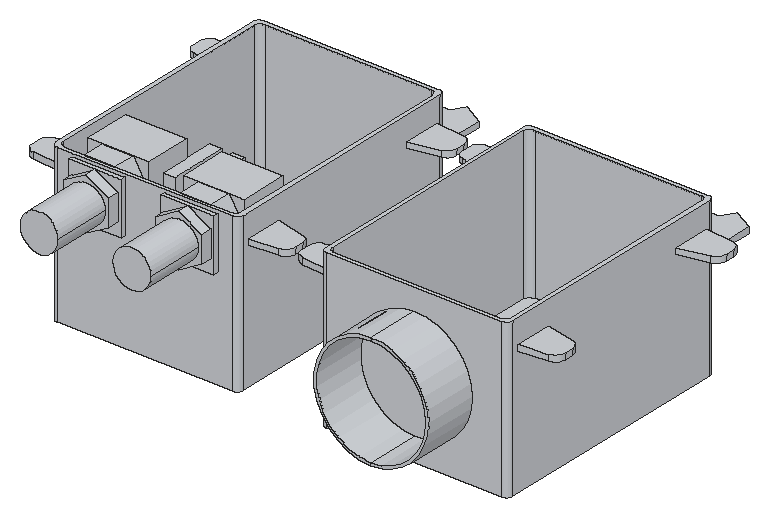
Revit family
Parameters
  Waste Connection = no
  Outlet Connector Type = "3/4 MHT"
  Inlet Connector Type = "1/2 Female Sweat"
  Frame Visibility [instance] = no
  Drain Right [instance] = yes
  Drain Left [instance] = no
  Drain Frame Right [instance] = no
  Drain Frame Left [instance] = no
  Default Elevation = 40.00"
Reference planes (in)
  plane 1 "Center (Front/Back)": y = 0
  plane 2: z = 0
  plane 3 "Center (Left/Right)": x = 0
Forms (in)
  Extrusion 1, solid, not visible
    sketch origin (0, 0, 0) x (1, 0, 0) y (0, 1, 0)
      loop
        line (-48, 48) -> (-48, -48) -> (48, -48) -> (48, 48) -> (-48, 48)
    from 0 to -12
  Extrusion 2, solid
    sketch origin (-7.70397, -2.8125, -0.625) x (1, 0, 0) y (0, 1, 0)
      loop
        line (9.74457, 5.38) -> (9.74457, 4.5495) -> (10.41144, 4.7033)
        arc (10.41144, 4.7033) -> (10.53349, 4.78027) -> (10.58107, 4.9165) r 0.2188
        line (10.58107, 4.9165) -> (10.58107, 5.0987)
        arc (10.58107, 5.0987) -> (10.52446, 5.24556) -> (10.38392, 5.31643) r 0.2188
        line (10.38392, 5.31643) -> (9.74457, 5.38)
    from 0 to 0.125
  Extrusion 3, solid
    sketch origin (7.70397, -2.8125, -0.625) x (-1, 0, 0) y (0, -1, 0)
      loop
        line (9.74457, -5.38) -> (10.38392, -5.31643)
        arc (10.38392, -5.31643) -> (10.52446, -5.24556) -> (10.58107, -5.0987) r 0.2188
        line (10.58107, -5.0987) -> (10.58107, -4.9165)
        arc (10.58107, -4.9165) -> (10.53349, -4.78027) -> (10.41144, -4.7033) r 0.2188
        line (10.41144, -4.7033) -> (9.74457, -4.5495) -> (9.74457, -5.38)
    from 0 to 0.125
  Extrusion 4, solid
    sketch origin (-7.70397, 2.8125, -0.625) x (1, 0, 0) y (0, 1, 0)
      loop
        line (9.74457, -5.38) -> (10.38392, -5.31643)
        arc (10.38392, -5.31643) -> (10.52446, -5.24556) -> (10.58107, -5.0987) r 0.2188
        line (10.58107, -5.0987) -> (10.58107, -4.9165)
        arc (10.58107, -4.9165) -> (10.53349, -4.78027) -> (10.41144, -4.7033) r 0.2188
        line (10.41144, -4.7033) -> (9.74457, -4.5495) -> (9.74457, -5.38)
    from 0 to 0.125
  Extrusion 5, solid
    sketch origin (7.70397, 2.8125, -0.625) x (-1, 0, 0) y (0, -1, 0)
      loop
        line (9.74457, 5.38) -> (9.74457, 4.5495) -> (10.41144, 4.7033)
        arc (10.41144, 4.7033) -> (10.53349, 4.78027) -> (10.58107, 4.9165) r 0.2188
        line (10.58107, 4.9165) -> (10.58107, 5.0987)
        arc (10.58107, 5.0987) -> (10.52446, 5.24556) -> (10.38392, 5.31643) r 0.2188
        line (10.38392, 5.31643) -> (9.74457, 5.38)
    from 0 to 0.125
  Extrusion 6, void
    sketch origin (0, -2.8125, -3.75) x (1, 0, 0) y (0, 1, 0)
      loop
        arc (-1.81428, 5.535) -> (-1.91067, 5.49507) -> (-1.9506, 5.39868) r 0.13632
        line (-1.9506, 5.39868) -> (-1.9506, 0.21279)
        arc (-1.9506, 0.21279) -> (-1.91067, 0.11639) -> (-1.81428, 0.07647) r 0.13632
        line (-1.81428, 0.07647) -> (1.81428, 0.07647)
        arc (1.81428, 0.07647) -> (1.91067, 0.11639) -> (1.9506, 0.21279) r 0.13632
        line (1.9506, 0.21279) -> (1.9506, 5.39868)
        arc (1.9506, 5.39868) -> (1.91067, 5.49507) -> (1.81428, 5.535) r 0.13632
        line (1.81428, 5.535) -> (-1.81428, 5.535)
    from 0.47737 to 3.75
  Extrusion 7, solid
    sketch origin (7, -2.8125, -3.75) x (1, 0, 0) y (0, 1, 0)
      loop
        arc (-8.90741, 5.625) -> (-9.00159, 5.58599) -> (-9.0406, 5.49181) r 0.13319
        line (-9.0406, 5.49181) -> (-9.0406, 0.13319)
        arc (-9.0406, 0.13319) -> (-9.00159, 0.03901) -> (-8.90741, 0) r 0.13319
        line (-8.90741, 0) -> (-5.09259, 0)
        arc (-5.09259, 0) -> (-4.99841, 0.03901) -> (-4.9594, 0.13319) r 0.13319
        line (-4.9594, 0.13319) -> (-4.9594, 5.49181)
        arc (-4.9594, 5.49181) -> (-4.99841, 5.58599) -> (-5.09259, 5.625) r 0.13319
        line (-5.09259, 5.625) -> (-8.90741, 5.625)
    from 0.33616 to 3.75
  Extrusion 8, solid
    sketch origin (7, -2.8125, -4.09216) x (1, 0, 0) y (0, 1, 0)
      loop
        line (-8.5603, 6.3475) -> (-8.7288, 6.62451) -> (-9.1936, 6.35561) -> (-9.1936, 5.62871) -> (-9.0406, 5.47571) -> (-8.85627, 5.625) -> (-5.10627, 5.625) -> (-4.95819, 5.47692) -> (-4.8064, 5.62871) -> (-4.8064, 6.35561) -> (-5.2712, 6.62451) -> (-5.4397, 6.3475) -> (-8.5603, 6.3475)
    from 3.125 to 3.25
  Extrusion 9, solid, visible <- "Drain Left"
    sketch origin (-13.58517, -2.8125, -0.625) x (1, 0, 0) y (0, 1, 0)
      loop
        line (9.74457, 5.38) -> (9.74457, 4.5495) -> (10.41144, 4.7033)
        arc (10.41144, 4.7033) -> (10.53349, 4.78027) -> (10.58107, 4.9165) r 0.2188
        line (10.58107, 4.9165) -> (10.58107, 5.0987)
        arc (10.58107, 5.0987) -> (10.52446, 5.24556) -> (10.38392, 5.31643) r 0.2188
        line (10.38392, 5.31643) -> (9.74457, 5.38)
    from 0 to 0.125
  Extrusion 10, solid, visible <- "Drain Left"
    sketch origin (1.82277, -2.8125, -0.625) x (-1, 0, 0) y (0, -1, 0)
      loop
        line (9.74457, -5.38) -> (10.38392, -5.31643)
        arc (10.38392, -5.31643) -> (10.52446, -5.24556) -> (10.58107, -5.0987) r 0.2188
        line (10.58107, -5.0987) -> (10.58107, -4.9165)
        arc (10.58107, -4.9165) -> (10.53349, -4.78027) -> (10.41144, -4.7033) r 0.2188
        line (10.41144, -4.7033) -> (9.74457, -4.5495) -> (9.74457, -5.38)
    from 0 to 0.125
  Extrusion 11, solid, visible <- "Drain Left"
    sketch origin (-13.58517, 2.8125, -0.625) x (1, 0, 0) y (0, 1, 0)
      loop
        line (9.74457, -5.38) -> (10.38392, -5.31643)
        arc (10.38392, -5.31643) -> (10.52446, -5.24556) -> (10.58107, -5.0987) r 0.2188
        line (10.58107, -5.0987) -> (10.58107, -4.9165)
        arc (10.58107, -4.9165) -> (10.53349, -4.78027) -> (10.41144, -4.7033) r 0.2188
        line (10.41144, -4.7033) -> (9.74457, -4.5495) -> (9.74457, -5.38)
    from 0 to 0.125
  Extrusion 12, solid, visible <- "Drain Left"
    sketch origin (1.82277, 2.8125, -0.625) x (-1, 0, 0) y (0, -1, 0)
      loop
        line (9.74457, 5.38) -> (9.74457, 4.5495) -> (10.41144, 4.7033)
        arc (10.41144, 4.7033) -> (10.53349, 4.78027) -> (10.58107, 4.9165) r 0.2188
        line (10.58107, 4.9165) -> (10.58107, 5.0987)
        arc (10.58107, 5.0987) -> (10.52446, 5.24556) -> (10.38392, 5.31643) r 0.2188
        line (10.38392, 5.31643) -> (9.74457, 5.38)
    from 0 to 0.125
  Extrusion 13, void
    sketch origin (-5.8812, -2.8125, -3.75) x (1, 0, 0) y (0, 1, 0)
      loop
        arc (-1.81428, 5.535) -> (-1.91067, 5.49507) -> (-1.9506, 5.39868) r 0.13632
        line (-1.9506, 5.39868) -> (-1.9506, 0.21279)
        arc (-1.9506, 0.21279) -> (-1.91067, 0.11639) -> (-1.81428, 0.07647) r 0.13632
        line (-1.81428, 0.07647) -> (1.81428, 0.07647)
        arc (1.81428, 0.07647) -> (1.91067, 0.11639) -> (1.9506, 0.21279) r 0.13632
        line (1.9506, 0.21279) -> (1.9506, 5.39868)
        arc (1.9506, 5.39868) -> (1.91067, 5.49507) -> (1.81428, 5.535) r 0.13632
        line (1.81428, 5.535) -> (-1.81428, 5.535)
    from 0.47737 to 3.75
  Extrusion 14, solid, visible <- "Drain Left"
    sketch origin (1.1188, -2.8125, -3.75) x (1, 0, 0) y (0, 1, 0)
      loop
        arc (-8.90741, 5.625) -> (-9.00159, 5.58599) -> (-9.0406, 5.49181) r 0.13319
        line (-9.0406, 5.49181) -> (-9.0406, 0.13319)
        arc (-9.0406, 0.13319) -> (-9.00159, 0.03901) -> (-8.90741, 0) r 0.13319
        line (-8.90741, 0) -> (-5.09259, 0)
        arc (-5.09259, 0) -> (-4.99841, 0.03901) -> (-4.9594, 0.13319) r 0.13319
        line (-4.9594, 0.13319) -> (-4.9594, 5.49181)
        arc (-4.9594, 5.49181) -> (-4.99841, 5.58599) -> (-5.09259, 5.625) r 0.13319
        line (-5.09259, 5.625) -> (-8.90741, 5.625)
    from 0.33616 to 3.75
  Extrusion 15, solid, visible <- "Drain Left"
    sketch origin (1.1188, -2.8125, -4.09216) x (1, 0, 0) y (0, 1, 0)
      loop
        line (-8.5603, 6.3475) -> (-8.7288, 6.62451) -> (-9.1936, 6.35561) -> (-9.1936, 5.62871) -> (-9.0406, 5.47571) -> (-8.85627, 5.625) -> (-5.10627, 5.625) -> (-4.95819, 5.47692) -> (-4.8064, 5.62871) -> (-4.8064, 6.35561) -> (-5.2712, 6.62451) -> (-5.4397, 6.3475) -> (-8.5603, 6.3475)
    from 3.125 to 3.25
  Revolve 16, solid, visible <- "Drain Left"
    sketch origin (-5.8812, 0, 0) x (0, 1, 0) y (0, 0, 1)
      loop
        line (-3.99587, -2.95884) -> (-2.73378, -2.95884) -> (-2.73378, -2.89715) -> (-3.99587, -2.89715) -> (-3.99587, -2.95884)
      axis (-3.99587, -1.70884) -> (-2.73378, -1.70884)
    angle from 0 to 360
  Extrusion 17, solid, visible <- "Drain Right"
    sketch origin (-1.82277, -2.8125, -0.625) x (1, 0, 0) y (0, 1, 0)
      loop
        line (9.74457, 5.38) -> (9.74457, 4.5495) -> (10.41144, 4.7033)
        arc (10.41144, 4.7033) -> (10.53349, 4.78027) -> (10.58107, 4.9165) r 0.2188
        line (10.58107, 4.9165) -> (10.58107, 5.0987)
        arc (10.58107, 5.0987) -> (10.52446, 5.24556) -> (10.38392, 5.31643) r 0.2188
        line (10.38392, 5.31643) -> (9.74457, 5.38)
    from 0 to 0.125
  Extrusion 18, solid, visible <- "Drain Right"
    sketch origin (13.58517, -2.8125, -0.625) x (-1, 0, 0) y (0, -1, 0)
      loop
        line (9.74457, -5.38) -> (10.38392, -5.31643)
        arc (10.38392, -5.31643) -> (10.52446, -5.24556) -> (10.58107, -5.0987) r 0.2188
        line (10.58107, -5.0987) -> (10.58107, -4.9165)
        arc (10.58107, -4.9165) -> (10.53349, -4.78027) -> (10.41144, -4.7033) r 0.2188
        line (10.41144, -4.7033) -> (9.74457, -4.5495) -> (9.74457, -5.38)
    from 0 to 0.125
  Extrusion 19, solid, visible <- "Drain Right"
    sketch origin (-1.82277, 2.8125, -0.625) x (1, 0, 0) y (0, 1, 0)
      loop
        line (9.74457, -5.38) -> (10.38392, -5.31643)
        arc (10.38392, -5.31643) -> (10.52446, -5.24556) -> (10.58107, -5.0987) r 0.2188
        line (10.58107, -5.0987) -> (10.58107, -4.9165)
        arc (10.58107, -4.9165) -> (10.53349, -4.78027) -> (10.41144, -4.7033) r 0.2188
        line (10.41144, -4.7033) -> (9.74457, -4.5495) -> (9.74457, -5.38)
    from 0 to 0.125
  Extrusion 20, solid, visible <- "Drain Right"
    sketch origin (13.58517, 2.8125, -0.625) x (-1, 0, 0) y (0, -1, 0)
      loop
        line (9.74457, 5.38) -> (9.74457, 4.5495) -> (10.41144, 4.7033)
        arc (10.41144, 4.7033) -> (10.53349, 4.78027) -> (10.58107, 4.9165) r 0.2188
        line (10.58107, 4.9165) -> (10.58107, 5.0987)
        arc (10.58107, 5.0987) -> (10.52446, 5.24556) -> (10.38392, 5.31643) r 0.2188
        line (10.38392, 5.31643) -> (9.74457, 5.38)
    from 0 to 0.125
  Extrusion 21, void
    sketch origin (5.8812, -2.8125, -3.75) x (1, 0, 0) y (0, 1, 0)
      loop
        arc (-1.81428, 5.535) -> (-1.91067, 5.49507) -> (-1.9506, 5.39868) r 0.13632
        line (-1.9506, 5.39868) -> (-1.9506, 0.21279)
        arc (-1.9506, 0.21279) -> (-1.91067, 0.11639) -> (-1.81428, 0.07647) r 0.13632
        line (-1.81428, 0.07647) -> (1.81428, 0.07647)
        arc (1.81428, 0.07647) -> (1.91067, 0.11639) -> (1.9506, 0.21279) r 0.13632
        line (1.9506, 0.21279) -> (1.9506, 5.39868)
        arc (1.9506, 5.39868) -> (1.91067, 5.49507) -> (1.81428, 5.535) r 0.13632
        line (1.81428, 5.535) -> (-1.81428, 5.535)
    from 0.47737 to 3.75
  Extrusion 22, solid, visible <- "Drain Right"
    sketch origin (12.8812, -2.8125, -3.75) x (1, 0, 0) y (0, 1, 0)
      loop
        arc (-8.90741, 5.625) -> (-9.00159, 5.58599) -> (-9.0406, 5.49181) r 0.13319
        line (-9.0406, 5.49181) -> (-9.0406, 0.13319)
        arc (-9.0406, 0.13319) -> (-9.00159, 0.03901) -> (-8.90741, 0) r 0.13319
        line (-8.90741, 0) -> (-5.09259, 0)
        arc (-5.09259, 0) -> (-4.99841, 0.03901) -> (-4.9594, 0.13319) r 0.13319
        line (-4.9594, 0.13319) -> (-4.9594, 5.49181)
        arc (-4.9594, 5.49181) -> (-4.99841, 5.58599) -> (-5.09259, 5.625) r 0.13319
        line (-5.09259, 5.625) -> (-8.90741, 5.625)
    from 0.33616 to 3.75
  Extrusion 23, solid, visible <- "Drain Right"
    sketch origin (12.8812, -2.8125, -4.09216) x (1, 0, 0) y (0, 1, 0)
      loop
        line (-8.5603, 6.3475) -> (-8.7288, 6.62451) -> (-9.1936, 6.35561) -> (-9.1936, 5.62871) -> (-9.0406, 5.47571) -> (-8.85627, 5.625) -> (-5.10627, 5.625) -> (-4.95819, 5.47692) -> (-4.8064, 5.62871) -> (-4.8064, 6.35561) -> (-5.2712, 6.62451) -> (-5.4397, 6.3475) -> (-8.5603, 6.3475)
    from 3.125 to 3.25
  Revolve 24, solid, visible <- "Drain Right"
    sketch origin (5.8812, 0, 0) x (0, 1, 0) y (0, 0, 1)
      loop
        line (-3.99587, -2.95884) -> (-2.73378, -2.95884) -> (-2.73378, -2.89715) -> (-3.99587, -2.89715) -> (-3.99587, -2.95884)
      axis (-3.99587, -1.70884) -> (-2.73378, -1.70884)
    angle from 0 to 360
  Extrusion 25, solid
    sketch origin (-1.75, -1.806, -2.99004) x (1, 0, 0) y (0, 0, 1)
      loop
        line (3.4606, 2.99004) -> (2.1306, 2.99004) -> (2.1306, 1.83823) -> (3.4606, 1.83823) -> (3.4606, 2.99004)
    from -0.61996 to 0.42904
  Extrusion 26, solid
    sketch origin (-1.75, -1.806, -3.43713) x (1, 0, 0) y (0, 0, 1)
      loop
        line (3.4606, 2.86123) -> (3.1281, 3.43713) -> (2.4631, 3.43713) -> (2.1306, 2.86123) -> (2.4631, 2.28532) -> (3.1281, 2.28532) -> (3.4606, 2.86123)
    from 0.42904 to 0.93004
  Extrusion 27, solid
    sketch origin (0.3029, 0, -0.77554) x (1, 0, 0) y (0, 1, 0)
      loop
        line (0.0777, -1.86103) -> (0.0777, -0.57103) -> (-0.1823, -0.57103) -> (-0.1823, -1.86103) -> (0.0777, -1.86103)
    from 0 to 0.39927
  Extrusion 28, solid
    sketch origin (1.75, -1.806, -2.99004) x (-1, 0, 0) y (0, 0, -1)
      loop
        line (3.4606, -2.99004) -> (3.4606, -1.83823) -> (2.1306, -1.83823) -> (2.1306, -2.99004) -> (3.4606, -2.99004)
    from -0.61996 to 0.42904
  Extrusion 29, solid
    sketch origin (1.75, -1.806, -3.43713) x (-1, 0, 0) y (0, 0, -1)
      loop
        line (3.4606, -2.86123) -> (3.1281, -2.28532) -> (2.4631, -2.28532) -> (2.1306, -2.86123) -> (2.4631, -3.43713) -> (3.1281, -3.43713) -> (3.4606, -2.86123)
    from 0.42904 to 0.93004
  Extrusion 30, solid
    sketch origin (-0.3029, 0, -0.77554) x (-1, 0, 0) y (0, -1, 0)
      loop
        line (0.0777, 1.86103) -> (-0.1823, 1.86103) -> (-0.1823, 0.57103) -> (0.0777, 0.57103) -> (0.0777, 1.86103)
    from 0 to 0.4
  Extrusion 31, solid
    sketch origin (-0.65625, 0, 0) x (1, 0, 0) y (0, 0, 1)
      loop
        line (0.22268, -0.0625) -> (-0.92732, -0.0625) -> (-0.92732, -1.21223) -> (0.22268, -1.21223) -> (0.22268, -0.0625)
    from 2.8125 to 2.9125
  Extrusion 32, solid
    sketch origin (0.65625, 0, 0) x (-1, 0, 0) y (0, 0, -1)
      loop
        line (0.22268, 0.0625) -> (0.22268, 1.21223) -> (-0.92732, 1.21223) -> (-0.92732, 0.0625) -> (0.22268, 0.0625)
    from 2.8125 to 2.9125
  Extrusion 33, solid
    sketch origin (0, 0, 0) x (1, 0, 0) y (0, 0, 1)
      loop
        line (-1.0117, -0.0625) -> (-1.50955, -0.34993) -> (-1.50955, -0.9248) -> (-1.0117, -1.21223) -> (-0.51385, -0.9248) -> (-0.51385, -0.34993) -> (-1.0117, -0.0625)
    from 2.9125 to 3.1475
  Extrusion 34, solid
    sketch origin (0, 0, 0) x (-1, 0, 0) y (0, 0, -1)
      loop
        line (-1.0117, 0.0625) -> (-0.51385, 0.34993) -> (-0.51385, 0.9248) -> (-1.0117, 1.21223) -> (-1.50955, 0.9248) -> (-1.50955, 0.34993) -> (-1.0117, 0.0625)
    from 2.9125 to 3.1475
  Extrusion 35, solid
    sketch origin (0, 0, 0) x (1, 0, 0) y (0, 0, 1)
      loop
        circle (-1.0117, -0.63736) r 0.4125
    from 4.42992 to 3.1475
  Extrusion 36, solid
    sketch origin (0, 0, 0) x (-1, 0, 0) y (0, 0, -1)
      loop
        circle (-1.0117, 0.63736) r 0.4125
    from 4.42992 to 3.1475
  Sweep 37, solid, not visible
    path origin (0, 0, 0) x (1, 0, 0) y (0, 0, 1)
      loop
        line (-1.7174, 2.5401) -> (-1.7174, -2.5401) -> (1.7174, -2.5401) -> (1.7174, 2.5401) -> (-1.7174, 2.5401)
    profile origin (-1.7174, 0, 0) x (0, -1, 0) y (1, 0, 0)
      loop
        line (0, 0) -> (0, -1.1782) -> (0.125, -1.1782)
        arc (0.125, -1.1782) -> (0.18244, -0.8066) -> (0.29371, -0.44742) r 2.55875
        arc (0.29371, -0.44742) -> (0.35615, -0.22767) -> (0.375, 0) r 1.17785
        line (0.375, 0) -> (0, 0)
  Sweep 38, solid, visible <- "Frame Visibility"
    path origin (0, 0, 0) x (1, 0, 0) y (0, 1, 0)
      loop
        line (-1.7174, 2.5401) -> (-1.7174, -2.5401) -> (1.7174, -2.5401) -> (1.7174, 2.5401) -> (-1.7174, 2.5401)
    profile origin (-1.7174, 0, 0) x (1, 0, 0) y (0, 0, 1)
      loop
        line (0, 0) -> (0, 0.375)
        arc (0, 0.375) -> (-0.22767, 0.35615) -> (-0.44742, 0.29371) r 1.17785
        arc (-0.44742, 0.29371) -> (-0.8066, 0.18244) -> (-1.1782, 0.125) r 2.55875
        line (-1.1782, 0.125) -> (-1.1782, 0) -> (0, 0)
  Sweep 39, solid, visible <- "Drain Frame Left"
    path origin (-5.8812, 0, 0) x (1, 0, 0) y (0, 1, 0)
      loop
        line (-1.7174, 2.5401) -> (-1.7174, -2.5401) -> (1.7174, -2.5401) -> (1.7174, 2.5401) -> (-1.7174, 2.5401)
    profile origin (-7.5986, 0, 0) x (1, 0, 0) y (0, 0, 1)
      loop
        line (0, 0) -> (0, 0.375)
        arc (0, 0.375) -> (-0.22767, 0.35615) -> (-0.44742, 0.29371) r 1.17785
        arc (-0.44742, 0.29371) -> (-0.8066, 0.18244) -> (-1.1782, 0.125) r 2.55875
        line (-1.1782, 0.125) -> (-1.1782, 0) -> (0, 0)
  Sweep 40, solid, visible <- "Drain Frame Right"
    path origin (5.8812, 0, 0) x (1, 0, 0) y (0, 1, 0)
      loop
        line (-1.7174, 2.5401) -> (-1.7174, -2.5401) -> (1.7174, -2.5401) -> (1.7174, 2.5401) -> (-1.7174, 2.5401)
    profile origin (4.1638, 0, 0) x (1, 0, 0) y (0, 0, 1)
      loop
        line (0, 0) -> (0, 0.375)
        arc (0, 0.375) -> (-0.22767, 0.35615) -> (-0.44742, 0.29371) r 1.17785
        arc (-0.44742, 0.29371) -> (-0.8066, 0.18244) -> (-1.1782, 0.125) r 2.55875
        line (-1.1782, 0.125) -> (-1.1782, 0) -> (0, 0)
Cuts and joins
  Extrusion 6, Extrusion 13, Extrusion 21 cuts Extrusion 7
  Extrusion 13, Extrusion 21 cuts Extrusion 8
  Extrusion 13 cuts Extrusion 14
  Extrusion 13 cuts Extrusion 15
  Extrusion 13 cuts Revolve 16
  Extrusion 21 cuts Extrusion 22
  Extrusion 21 cuts Extrusion 23
  Extrusion 21 cuts Revolve 24
Lines and regions (in)
  model lines
    curve 1: circle (2.6206, 2.1725, -0.5) r 0.09 normal (0, 0, 1)
    curve 2: circle (-2.6206, 2.1725, -0.5) r 0.09 normal (0, 0, -1)
    curve 3: circle (2.6206, -2.1725, -0.5) r 0.09 normal (0, 0, -1)
    curve 4: circle (-2.6206, -2.1725, -0.5) r 0.09 normal (0, 0, 1)
    curve 5: line (-0.2884, 2.8125, -0.84216) -> (-0.2884, 3.535, -0.84216)
    curve 6: line (0.3116, 2.8125, -0.84216) -> (0.3116, 3.535, -0.84216)
    curve 7: line (0.9116, 2.8125, -0.84216) -> (0.9116, 3.535, -0.84216)
    curve 8: line (-0.8884, 2.8125, -0.84216) -> (-0.8884, 3.535, -0.84216)
    curve 9: line (-1.4884, 2.8125, -0.84216) -> (-1.4884, 3.535, -0.84216)
    curve 10: line (1.5116, 2.8125, -0.84216) -> (1.5116, 3.535, -0.84216)
    curve 11: line (-1.6414, 2.8125, -0.84216) -> (-1.6414, 3.535, -0.84216)
    curve 12: line (-1.5603, 3.535, -0.84216) -> (-1.6414, 3.535, -0.84216)
    curve 13: line (-1.6414, 3.535, -0.84216) -> (-1.70032, 3.31511, -0.84216)
    curve 14: line (-1.70032, 3.31511, -0.84216) -> (-2.1936, 3.10261, -0.84216)
    curve 15: line (1.5603, 3.535, -0.84216) -> (1.6414, 3.535, -0.84216)
    curve 16: line (1.6414, 3.535, -0.84216) -> (1.70032, 3.31511, -0.84216)
    curve 17: line (1.70032, 3.31511, -0.84216) -> (2.1936, 3.10261, -0.84216)
    curve 18: line (-1.8226, 3.55987, -0.84216) -> (-1.8226, 3.37958, -0.84216)
    curve 19: line (-1.8226, 3.37958, -0.84216) -> (-2.00154, 3.3025, -0.84216)
    curve 20: line (-2.00154, 3.3025, -0.84216) -> (-2.00154, 3.48278, -0.84216)
    curve 21: line (-1.8226, 3.55987, -0.84216) -> (-2.00154, 3.48278, -0.84216)
    curve 22: line (1.8226, 3.55987, -0.84216) -> (1.8226, 3.37958, -0.84216)
    curve 23: line (1.8226, 3.37958, -0.84216) -> (2.00154, 3.3025, -0.84216)
    curve 24: line (2.00154, 3.3025, -0.84216) -> (2.00154, 3.48278, -0.84216)
    curve 25: line (1.8226, 3.55987, -0.84216) -> (2.00154, 3.48278, -0.84216)
    curve 76: circle (-1.0456, -1.7116, 0) r 0.45 normal (0, 0, 1)
    curve 77: circle (-1.0456, -1.7116, 0) r 0.35 normal (0, 0, 1)
    curve 78: circle (-1.0456, -1.7116, 0) r 0.1875 normal (0, 0, 1)
    curve 79: circle (1.0456, -1.7116, 0) r 0.45 normal (0, 0, -1)
    curve 80: circle (1.0456, -1.7116, 0) r 0.35 normal (0, 0, -1)
    curve 81: circle (1.0456, -1.7116, 0) r 0.1875 normal (0, 0, -1)
  model lines, visible <- "Drain Left"
    curve 26: circle (-3.2606, 2.1725, -0.5) r 0.09 normal (0, 0, 1)
    curve 27: circle (-8.5018, 2.1725, -0.5) r 0.09 normal (0, 0, -1)
    curve 28: circle (-3.2606, -2.1725, -0.5) r 0.09 normal (0, 0, -1)
    curve 29: circle (-8.5018, -2.1725, -0.5) r 0.09 normal (0, 0, 1)
    curve 30: line (-6.1696, 2.8125, -0.84216) -> (-6.1696, 3.535, -0.84216)
    curve 31: line (-5.5696, 2.8125, -0.84216) -> (-5.5696, 3.535, -0.84216)
    curve 32: line (-4.9696, 2.8125, -0.84216) -> (-4.9696, 3.535, -0.84216)
    curve 33: line (-6.7696, 2.8125, -0.84216) -> (-6.7696, 3.535, -0.84216)
    curve 34: line (-7.3696, 2.8125, -0.84216) -> (-7.3696, 3.535, -0.84216)
    curve 35: line (-4.3696, 2.8125, -0.84216) -> (-4.3696, 3.535, -0.84216)
    curve 36: line (-7.5226, 2.8125, -0.84216) -> (-7.5226, 3.535, -0.84216)
    curve 37: line (-7.4415, 3.535, -0.84216) -> (-7.5226, 3.535, -0.84216)
    curve 38: line (-7.5226, 3.535, -0.84216) -> (-7.58152, 3.31511, -0.84216)
    curve 39: line (-7.58152, 3.31511, -0.84216) -> (-8.0748, 3.10261, -0.84216)
    curve 40: line (-4.3209, 3.535, -0.84216) -> (-4.2398, 3.535, -0.84216)
    curve 41: line (-4.2398, 3.535, -0.84216) -> (-4.18088, 3.31511, -0.84216)
    curve 42: line (-4.18088, 3.31511, -0.84216) -> (-3.6876, 3.10261, -0.84216)
    curve 43: line (-7.7038, 3.55987, -0.84216) -> (-7.7038, 3.37958, -0.84216)
    curve 44: line (-7.7038, 3.37958, -0.84216) -> (-7.88274, 3.3025, -0.84216)
    curve 45: line (-7.88274, 3.3025, -0.84216) -> (-7.88274, 3.48278, -0.84216)
    curve 46: line (-7.7038, 3.55987, -0.84216) -> (-7.88274, 3.48278, -0.84216)
    curve 47: line (-4.0586, 3.55987, -0.84216) -> (-4.0586, 3.37958, -0.84216)
    curve 48: line (-4.0586, 3.37958, -0.84216) -> (-3.87966, 3.3025, -0.84216)
    curve 49: line (-3.87966, 3.3025, -0.84216) -> (-3.87966, 3.48278, -0.84216)
    curve 50: line (-4.0586, 3.55987, -0.84216) -> (-3.87966, 3.48278, -0.84216)
  model lines, visible <- "Drain Right"
    curve 51: circle (8.5018, 2.1725, -0.5) r 0.09 normal (0, 0, 1)
    curve 52: circle (3.2606, 2.1725, -0.5) r 0.09 normal (0, 0, -1)
    curve 53: circle (8.5018, -2.1725, -0.5) r 0.09 normal (0, 0, -1)
    curve 54: circle (3.2606, -2.1725, -0.5) r 0.09 normal (0, 0, 1)
    curve 55: line (5.5928, 2.8125, -0.84216) -> (5.5928, 3.535, -0.84216)
    curve 56: line (6.1928, 2.8125, -0.84216) -> (6.1928, 3.535, -0.84216)
    curve 57: line (6.7928, 2.8125, -0.84216) -> (6.7928, 3.535, -0.84216)
    curve 58: line (4.9928, 2.8125, -0.84216) -> (4.9928, 3.535, -0.84216)
    curve 59: line (4.3928, 2.8125, -0.84216) -> (4.3928, 3.535, -0.84216)
    curve 60: line (7.3928, 2.8125, -0.84216) -> (7.3928, 3.535, -0.84216)
    curve 61: line (4.2398, 2.8125, -0.84216) -> (4.2398, 3.535, -0.84216)
    curve 62: line (4.3209, 3.535, -0.84216) -> (4.2398, 3.535, -0.84216)
    curve 63: line (4.2398, 3.535, -0.84216) -> (4.18088, 3.31511, -0.84216)
    curve 64: line (4.18088, 3.31511, -0.84216) -> (3.6876, 3.10261, -0.84216)
    curve 65: line (7.4415, 3.535, -0.84216) -> (7.5226, 3.535, -0.84216)
    curve 66: line (7.5226, 3.535, -0.84216) -> (7.58152, 3.31511, -0.84216)
    curve 67: line (7.58152, 3.31511, -0.84216) -> (8.0748, 3.10261, -0.84216)
    curve 68: line (4.0586, 3.55987, -0.84216) -> (4.0586, 3.37958, -0.84216)
    curve 69: line (4.0586, 3.37958, -0.84216) -> (3.87966, 3.3025, -0.84216)
    curve 70: line (3.87966, 3.3025, -0.84216) -> (3.87966, 3.48278, -0.84216)
    curve 71: line (4.0586, 3.55987, -0.84216) -> (3.87966, 3.48278, -0.84216)
    curve 72: line (7.7038, 3.55987, -0.84216) -> (7.7038, 3.37958, -0.84216)
    curve 73: line (7.7038, 3.37958, -0.84216) -> (7.88274, 3.3025, -0.84216)
    curve 74: line (7.88274, 3.3025, -0.84216) -> (7.88274, 3.48278, -0.84216)
    curve 75: line (7.7038, 3.55987, -0.84216) -> (7.88274, 3.48278, -0.84216)
Dimensions and locks (in)
  locked: Extrusion 34 to cut or joined group of Extrusion 6, Extrusion 7, Extrusion 13, Extrusion 21 at 0.335
  locked: Extrusion 33 to cut or joined group of Extrusion 6, Extrusion 7, Extrusion 13, Extrusion 21 at 0.335
  locked: cut or joined group of Extrusion 6, Extrusion 7, Extrusion 13, Extrusion 21 to plane 1 "Center (Front/Back)" at 2.8125
  locked: cut or joined group of Extrusion 6, Extrusion 7, Extrusion 13, Extrusion 21 to cut or joined group of Extrusion 6, Extrusion 7, Extrusion 13, Extrusion 21 at 5.625
  locked: cut or joined group of Extrusion 13, Extrusion 14 to plane 1 "Center (Front/Back)" at 2.8125
  locked: cut or joined group of Extrusion 13, Extrusion 14 to cut or joined group of Extrusion 13, Extrusion 14 at 5.625
  locked: cut or joined group of Extrusion 21, Extrusion 22 to plane 1 "Center (Front/Back)" at 2.8125
  locked: cut or joined group of Extrusion 21, Extrusion 22 to cut or joined group of Extrusion 21, Extrusion 22 at 5.625
  locked: Extrusion 35 to cut or joined group of Extrusion 6, Extrusion 7, Extrusion 13, Extrusion 21 at 1.61742
  locked: Extrusion 36 to cut or joined group of Extrusion 6, Extrusion 7, Extrusion 13, Extrusion 21 at 1.61742
  aligned and locked: plane 2 to Extrusion 1
  aligned and locked: level to Extrusion 1
  aligned and locked: Extrusion 7 to Extrusion 2
  aligned: Extrusion 7 to level
  aligned and locked: Extrusion 2 to Extrusion 4
  aligned and locked: Extrusion 6 to Extrusion 7
  aligned and locked: Extrusion 14 to Extrusion 9
  aligned and locked: Extrusion 9 to Extrusion 11
  aligned and locked: Extrusion 13 to Extrusion 14
  aligned and locked: Extrusion 22 to Extrusion 17
  aligned and locked: Extrusion 17 to Extrusion 19
  aligned and locked: Extrusion 21 to Extrusion 22
  aligned and locked: Extrusion 25 to Extrusion 26
  aligned and locked: Extrusion 29 to Extrusion 28
  aligned and locked: cut or joined group of Extrusion 6, Extrusion 7, Extrusion 13, Extrusion 21 to Extrusion 31
  aligned and locked: Extrusion 31 to Extrusion 33
  aligned and locked: Extrusion 35 to Extrusion 33
Connectors (in)
  piping at (-1.0456, -1.71053, 0), driven by "Outlet Connector Type"
    settings: on Extrusion 28, index 1, connector radius 0.38", flow factor 0, pipe flow 0 GPM, pressure drop 0.00 psi, fitting loss kfactor 0, connector angle 0.00°, fixture units 0, flow configuration 0, flow direction 2, fitting loss method 0, system type 19, connector reference index -1, connector utility 0, adjustable connector no, is connector primary yes, fitting loss table "", connector description "3/4 MHT"
  piping at (1.0456, -1.71053, 0), driven by "Outlet Connector Type"
    settings: on Extrusion 25, index 2, connector radius 0.38", flow factor 0, pipe flow 0 GPM, pressure drop 0.00 psi, fitting loss kfactor 0, connector angle 0.00°, fixture units 0, flow configuration 0, flow direction 2, fitting loss method 0, system type 20, connector reference index -1, connector utility 0, adjustable connector no, is connector primary no, fitting loss table "", connector description "3/4 MHT"
  piping at (-5.8812, -3.99587, -1.70884)
    settings: on cut or joined group of Extrusion 13, Revolve 16, index 3, connector radius 1 1/4", flow factor 0, pipe flow 0 GPM, pressure drop 0.00 psi, fitting loss kfactor 0, connector angle 0.00°, fixture units 0, flow configuration 0, flow direction 1, fitting loss method 0, system type 16, connector reference index -1, connector utility 0, adjustable connector no, is connector primary no, fitting loss table "", connector description ""
  piping at (5.8812, -3.99587, -1.70884)
    settings: on cut or joined group of Extrusion 21, Revolve 24, index 4, connector radius 1 1/4", flow factor 0, pipe flow 0 GPM, pressure drop 0.00 psi, fitting loss kfactor 0, connector angle 0.00°, fixture units 0, flow configuration 0, flow direction 1, fitting loss method 0, system type 16, connector reference index -1, connector utility 0, adjustable connector no, is connector primary no, fitting loss table "", connector description ""
  piping at (1.0117, -4.42992, -0.63736), driven by "Inlet Connector Type"
    settings: on Extrusion 36, index 5, connector radius 1/4", flow factor 0, pipe flow 0 GPM, pressure drop 0.00 psi, fitting loss kfactor 0, connector angle 0.00°, fixture units 0, flow configuration 0, flow direction 1, fitting loss method 0, system type 20, connector reference index -1, connector utility 0, adjustable connector no, is connector primary no, fitting loss table "", connector description "1/2 Female Sweat"
  piping at (-1.0117, -4.42992, -0.63736), driven by "Inlet Connector Type"
    settings: on Extrusion 35, index 6, connector radius 1/4", flow factor 0, pipe flow 0 GPM, pressure drop 0.00 psi, fitting loss kfactor 0, connector angle 0.00°, fixture units 0, flow configuration 0, flow direction 1, fitting loss method 0, system type 19, connector reference index -1, connector utility 0, adjustable connector no, is connector primary no, fitting loss table "", connector description "1/2 Female Sweat"
